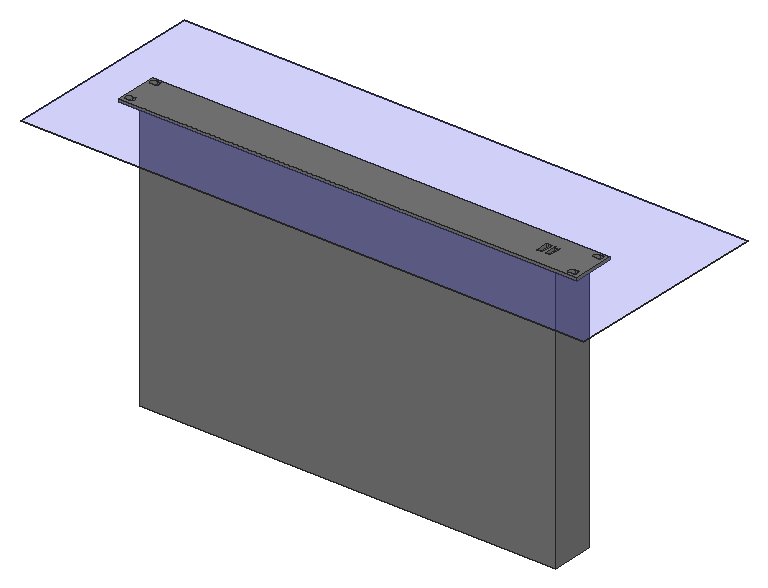
Revit family "QSC Core 110f", category Generic Models, host Face, Revit 2014 (continued)
Connectors (in)
  electrical at (1.96201, 0.40615, -10.80709)
    settings: on cut or joined group of Extrusion 2, Extrusion 3, Extrusion 4, Extrusion 6, Extrusion 7, index 47, voltage 0 V, apparent load 0 VA, apparent load phase1 0 VA, apparent load phase2 0 VA, apparent load phase3 0 VA, power factor 1, load classification "Other", number of poles 1, system type 14, power factor state 1, is connector primary no, connector utility no, sub classification motor no, connector description "GPIO INPUT 4"
  electrical at (1.82422, 0.40615, -10.80709)
    settings: on cut or joined group of Extrusion 2, Extrusion 3, Extrusion 4, Extrusion 6, Extrusion 7, index 48, voltage 0 V, apparent load 0 VA, apparent load phase1 0 VA, apparent load phase2 0 VA, apparent load phase3 0 VA, power factor 1, load classification "Other", number of poles 1, system type 14, power factor state 1, is connector primary no, connector utility no, sub classification motor no, connector description "GPIO INPUT 5"
  electrical at (1.68642, 0.40615, -10.80709)
    settings: on cut or joined group of Extrusion 2, Extrusion 3, Extrusion 4, Extrusion 6, Extrusion 7, index 49, voltage 0 V, apparent load 0 VA, apparent load phase1 0 VA, apparent load phase2 0 VA, apparent load phase3 0 VA, power factor 1, load classification "Other", number of poles 1, system type 14, power factor state 1, is connector primary no, connector utility no, sub classification motor no, connector description "GPIO INPUT 6"
  electrical at (1.54862, 0.40615, -10.80709)
    settings: on cut or joined group of Extrusion 2, Extrusion 3, Extrusion 4, Extrusion 6, Extrusion 7, index 50, voltage 0 V, apparent load 0 VA, apparent load phase1 0 VA, apparent load phase2 0 VA, apparent load phase3 0 VA, power factor 1, load classification "Other", number of poles 1, system type 14, power factor state 1, is connector primary no, connector utility no, sub classification motor no, connector description "GPIO INPUT 7"
  electrical at (1.41083, 0.40615, -10.80709)
    settings: on cut or joined group of Extrusion 2, Extrusion 3, Extrusion 4, Extrusion 6, Extrusion 7, index 51, voltage 0 V, apparent load 0 VA, apparent load phase1 0 VA, apparent load phase2 0 VA, apparent load phase3 0 VA, power factor 1, load classification "Other", number of poles 1, system type 14, power factor state 1, is connector primary no, connector utility no, sub classification motor no, connector description "GPIO INPUT 8"
  electrical at (1.27303, 0.40615, -10.80709)
    settings: on cut or joined group of Extrusion 2, Extrusion 3, Extrusion 4, Extrusion 6, Extrusion 7, index 52, voltage 0 V, apparent load 0 VA, apparent load phase1 0 VA, apparent load phase2 0 VA, apparent load phase3 0 VA, power factor 1, load classification "Other", number of poles 1, system type 14, power factor state 1, is connector primary no, connector utility no, sub classification motor no, connector description "GND"
  electrical at (3.04469, -0.39306, -10.80709)
    settings: on cut or joined group of Extrusion 2, Extrusion 3, Extrusion 4, Extrusion 6, Extrusion 7, index 53, voltage 0 V, apparent load 0 VA, apparent load phase1 0 VA, apparent load phase2 0 VA, apparent load phase3 0 VA, power factor 1, load classification "Other", number of poles 1, system type 14, power factor state 1, is connector primary no, connector utility no, sub classification motor no, connector description "Line Out 8"
  electrical at (3.45807, -0.39306, -10.80709)
    settings: on cut or joined group of Extrusion 2, Extrusion 3, Extrusion 4, Extrusion 6, Extrusion 7, index 54, voltage 0 V, apparent load 0 VA, apparent load phase1 0 VA, apparent load phase2 0 VA, apparent load phase3 0 VA, power factor 1, load classification "Other", number of poles 1, system type 14, power factor state 1, is connector primary no, connector utility no, sub classification motor no, connector description "Line Out 7"
  electrical at (3.87146, -0.39306, -10.80709)
    settings: on cut or joined group of Extrusion 2, Extrusion 3, Extrusion 4, Extrusion 6, Extrusion 7, index 55, voltage 0 V, apparent load 0 VA, apparent load phase1 0 VA, apparent load phase2 0 VA, apparent load phase3 0 VA, power factor 1, load classification "Other", number of poles 1, system type 14, power factor state 1, is connector primary no, connector utility no, sub classification motor no, connector description "Line Out 6"
  electrical at (4.28484, -0.39306, -10.80709)
    settings: on cut or joined group of Extrusion 2, Extrusion 3, Extrusion 4, Extrusion 6, Extrusion 7, index 56, voltage 0 V, apparent load 0 VA, apparent load phase1 0 VA, apparent load phase2 0 VA, apparent load phase3 0 VA, power factor 1, load classification "Other", number of poles 1, system type 14, power factor state 1, is connector primary no, connector utility no, sub classification motor no, connector description "Line Out 5"
  electrical at (4.28484, 0.41009, -10.80709)
    settings: on cut or joined group of Extrusion 2, Extrusion 3, Extrusion 4, Extrusion 6, Extrusion 7, index 57, voltage 0 V, apparent load 0 VA, apparent load phase1 0 VA, apparent load phase2 0 VA, apparent load phase3 0 VA, power factor 1, load classification "Other", number of poles 1, system type 14, power factor state 1, is connector primary no, connector utility no, sub classification motor no, connector description "Line Out 1"
  electrical at (3.87146, 0.41009, -10.80709)
    settings: on cut or joined group of Extrusion 2, Extrusion 3, Extrusion 4, Extrusion 6, Extrusion 7, index 58, voltage 0 V, apparent load 0 VA, apparent load phase1 0 VA, apparent load phase2 0 VA, apparent load phase3 0 VA, power factor 1, load classification "Other", number of poles 1, system type 14, power factor state 1, is connector primary no, connector utility no, sub classification motor no, connector description "Line Out 2"
  electrical at (3.45807, 0.41009, -10.80709)
    settings: on cut or joined group of Extrusion 2, Extrusion 3, Extrusion 4, Extrusion 6, Extrusion 7, index 59, voltage 0 V, apparent load 0 VA, apparent load phase1 0 VA, apparent load phase2 0 VA, apparent load phase3 0 VA, power factor 1, load classification "Other", number of poles 1, system type 14, power factor state 1, is connector primary no, connector utility no, sub classification motor no, connector description "Line Out 3"
  electrical at (3.04469, 0.41009, -10.80709)
    settings: on cut or joined group of Extrusion 2, Extrusion 3, Extrusion 4, Extrusion 6, Extrusion 7, index 60, voltage 0 V, apparent load 0 VA, apparent load phase1 0 VA, apparent load phase2 0 VA, apparent load phase3 0 VA, power factor 1, load classification "Other", number of poles 1, system type 14, power factor state 1, is connector primary no, connector utility no, sub classification motor no, connector description "Line Out 4"
  electrical at (4.91477, -0.39306, -10.80709)
    settings: on cut or joined group of Extrusion 2, Extrusion 3, Extrusion 4, Extrusion 6, Extrusion 7, index 61, voltage 0 V, apparent load 0 VA, apparent load phase1 0 VA, apparent load phase2 0 VA, apparent load phase3 0 VA, power factor 1, load classification "Other", number of poles 1, system type 14, power factor state 1, is connector primary no, connector utility no, sub classification motor no, connector description "Flex Channel 8"
  electrical at (5.32815, -0.39306, -10.80709)
    settings: on cut or joined group of Extrusion 2, Extrusion 3, Extrusion 4, Extrusion 6, Extrusion 7, index 62, voltage 0 V, apparent load 0 VA, apparent load phase1 0 VA, apparent load phase2 0 VA, apparent load phase3 0 VA, power factor 1, load classification "Other", number of poles 1, system type 14, power factor state 1, is connector primary no, connector utility no, sub classification motor no, connector description "Flex Channel 7"
  electrical at (5.74154, -0.39306, -10.80709)
    settings: on cut or joined group of Extrusion 2, Extrusion 3, Extrusion 4, Extrusion 6, Extrusion 7, index 63, voltage 0 V, apparent load 0 VA, apparent load phase1 0 VA, apparent load phase2 0 VA, apparent load phase3 0 VA, power factor 1, load classification "Other", number of poles 1, system type 14, power factor state 1, is connector primary no, connector utility no, sub classification motor no, connector description "Flex Channel 6"
  electrical at (6.15492, -0.39306, -10.80709)
    settings: on cut or joined group of Extrusion 2, Extrusion 3, Extrusion 4, Extrusion 6, Extrusion 7, index 64, voltage 0 V, apparent load 0 VA, apparent load phase1 0 VA, apparent load phase2 0 VA, apparent load phase3 0 VA, power factor 1, load classification "Other", number of poles 1, system type 14, power factor state 1, is connector primary no, connector utility no, sub classification motor no, connector description "Flex Channel 5"
  electrical at (6.15492, 0.41009, -10.80709)
    settings: on cut or joined group of Extrusion 2, Extrusion 3, Extrusion 4, Extrusion 6, Extrusion 7, index 65, voltage 0 V, apparent load 0 VA, apparent load phase1 0 VA, apparent load phase2 0 VA, apparent load phase3 0 VA, power factor 1, load classification "Other", number of poles 1, system type 14, power factor state 1, is connector primary no, connector utility no, sub classification motor no, connector description "Flex Channel 1"
  electrical at (5.74154, 0.41009, -10.80709)
    settings: on cut or joined group of Extrusion 2, Extrusion 3, Extrusion 4, Extrusion 6, Extrusion 7, index 66, voltage 0 V, apparent load 0 VA, apparent load phase1 0 VA, apparent load phase2 0 VA, apparent load phase3 0 VA, power factor 1, load classification "Other", number of poles 1, system type 14, power factor state 1, is connector primary no, connector utility no, sub classification motor no, connector description "Flex Channel 2"
  electrical at (5.32815, 0.41009, -10.80709)
    settings: on cut or joined group of Extrusion 2, Extrusion 3, Extrusion 4, Extrusion 6, Extrusion 7, index 67, voltage 0 V, apparent load 0 VA, apparent load phase1 0 VA, apparent load phase2 0 VA, apparent load phase3 0 VA, power factor 1, load classification "Other", number of poles 1, system type 14, power factor state 1, is connector primary no, connector utility no, sub classification motor no, connector description "Flex Channel 3"
  electrical at (4.91477, 0.41009, -10.80709)
    settings: on cut or joined group of Extrusion 2, Extrusion 3, Extrusion 4, Extrusion 6, Extrusion 7, index 68, voltage 0 V, apparent load 0 VA, apparent load phase1 0 VA, apparent load phase2 0 VA, apparent load phase3 0 VA, power factor 1, load classification "Other", number of poles 1, system type 14, power factor state 1, is connector primary no, connector utility no, sub classification motor no, connector description "Flex Channel 4"
  electrical at (6.78484, -0.39306, -10.80709)
    settings: on cut or joined group of Extrusion 2, Extrusion 3, Extrusion 4, Extrusion 6, Extrusion 7, index 69, voltage 0 V, apparent load 0 VA, apparent load phase1 0 VA, apparent load phase2 0 VA, apparent load phase3 0 VA, power factor 1, load classification "Other", number of poles 1, system type 14, power factor state 1, is connector primary no, connector utility no, sub classification motor no, connector description "Mic/Line Input 8"
  electrical at (7.19823, -0.39306, -10.80709)
    settings: on cut or joined group of Extrusion 2, Extrusion 3, Extrusion 4, Extrusion 6, Extrusion 7, index 70, voltage 0 V, apparent load 0 VA, apparent load phase1 0 VA, apparent load phase2 0 VA, apparent load phase3 0 VA, power factor 1, load classification "Other", number of poles 1, system type 14, power factor state 1, is connector primary no, connector utility no, sub classification motor no, connector description "Mic/Line Input 7"
  electrical at (7.61162, -0.39306, -10.80709)
    settings: on cut or joined group of Extrusion 2, Extrusion 3, Extrusion 4, Extrusion 6, Extrusion 7, index 71, voltage 0 V, apparent load 0 VA, apparent load phase1 0 VA, apparent load phase2 0 VA, apparent load phase3 0 VA, power factor 1, load classification "Other", number of poles 1, system type 14, power factor state 1, is connector primary no, connector utility no, sub classification motor no, connector description "Mic/Line Input 6"
  electrical at (8.03055, -0.39306, -10.80709)
    settings: on cut or joined group of Extrusion 2, Extrusion 3, Extrusion 4, Extrusion 6, Extrusion 7, index 72, voltage 0 V, apparent load 0 VA, apparent load phase1 0 VA, apparent load phase2 0 VA, apparent load phase3 0 VA, power factor 1, load classification "Other", number of poles 1, system type 14, power factor state 1, is connector primary no, connector utility no, sub classification motor no, connector description "Mic/Line Input 5"
  electrical at (8.03055, 0.41009, -10.80709)
    settings: on cut or joined group of Extrusion 2, Extrusion 3, Extrusion 4, Extrusion 6, Extrusion 7, index 73, voltage 0 V, apparent load 0 VA, apparent load phase1 0 VA, apparent load phase2 0 VA, apparent load phase3 0 VA, power factor 1, load classification "Other", number of poles 1, system type 14, power factor state 1, is connector primary no, connector utility no, sub classification motor no, connector description "Mic/Line Input 1"
  electrical at (7.61162, 0.41009, -10.80709)
    settings: on cut or joined group of Extrusion 2, Extrusion 3, Extrusion 4, Extrusion 6, Extrusion 7, index 74, voltage 0 V, apparent load 0 VA, apparent load phase1 0 VA, apparent load phase2 0 VA, apparent load phase3 0 VA, power factor 1, load classification "Other", number of poles 1, system type 14, power factor state 1, is connector primary no, connector utility no, sub classification motor no, connector description "Mic/Line Input 2"
  electrical at (7.19823, 0.41009, -10.80709)
    settings: on cut or joined group of Extrusion 2, Extrusion 3, Extrusion 4, Extrusion 6, Extrusion 7, index 75, voltage 0 V, apparent load 0 VA, apparent load phase1 0 VA, apparent load phase2 0 VA, apparent load phase3 0 VA, power factor 1, load classification "Other", number of poles 1, system type 14, power factor state 1, is connector primary no, connector utility no, sub classification motor no, connector description "Mic/Line Input 3"
  electrical at (6.78484, 0.41009, -10.80709)
    settings: on cut or joined group of Extrusion 2, Extrusion 3, Extrusion 4, Extrusion 6, Extrusion 7, index 76, voltage 0 V, apparent load 0 VA, apparent load phase1 0 VA, apparent load phase2 0 VA, apparent load phase3 0 VA, power factor 1, load classification "Other", number of poles 1, system type 14, power factor state 1, is connector primary no, connector utility no, sub classification motor no, connector description "Mic/Line Input 4"
  electrical at (7.80153, 0.01936, 0)
    settings: on cut or joined group of Extrusion 4, Extrusion 5, Extrusion 6, index 77, voltage 0 V, apparent load 0 VA, apparent load phase1 0 VA, apparent load phase2 0 VA, apparent load phase3 0 VA, power factor 1, load classification "Other", number of poles 1, system type 14, power factor state 1, is connector primary no, connector utility no, sub classification motor no, connector description "USB A"
  electrical at (7.46364, 0.01936, 0)
    settings: on cut or joined group of Extrusion 4, Extrusion 5, Extrusion 6, index 78, voltage 0 V, apparent load 0 VA, apparent load phase1 0 VA, apparent load phase2 0 VA, apparent load phase3 0 VA, power factor 1, load classification "Other", number of poles 1, system type 14, power factor state 1, is connector primary no, connector utility no, sub classification motor no, connector description "USB A"
